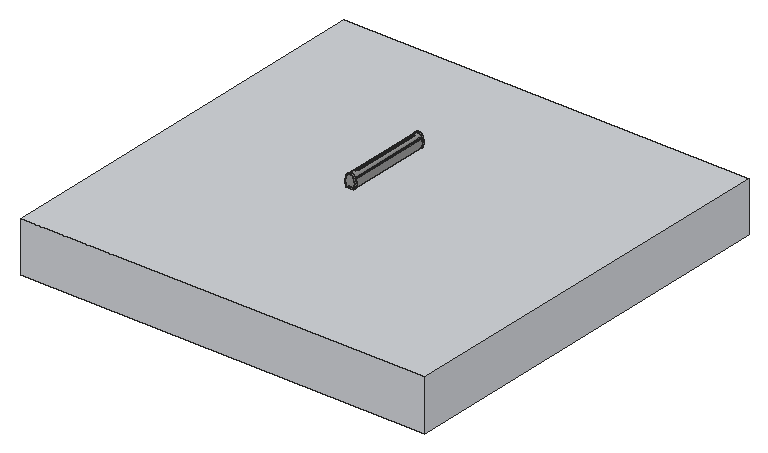
Revit family "L-trade II 20", category Осветительные приборы, Revit 2017 (continued)
Types (6, lengths in mm): name | Цветовая температура | Световой поток светильника | Кривая сил света | Wattage | built-in parameter 1150134 | Файл фотометрической сетки | built-in parameter 1150142 | built-in parameter 1150105 | Lumens | built-in parameter 1150107 | built-in parameter 1150106 | Manufacturer | Артикул
  L-trade II 20 5.0K К15 | 5000 K | 2508 lm | "К15" | 16.8841 W | 2 | "L-trade II 20-22-K15-5.0-01.ies" | "IESNA:LM-63-1995\r\n[TEST]LEDEL\r\n[DATA]17.01.2017\r\n[MANUFAC]LEDEL\r\n[LUMCAT]L-trade II 20/22/К15/5.0/01\r\n[LUMINAIRE]Для освещения торговых залов, промышленных помещений, складов, магазинов, спортивных сооружений и т.д.  \r\n[LAMPCAT]LED\r\n[LAMP]OSRAM SQUARE\r\nTILT=NONE\r\n\r\n1 2508 0.387815 37 19 1 2 0.531 0.05 0.123\r\n\r\n1 1 22\r\n\r\n 0 2.5 5 7.5 10 12.5 15 17.5 20 22.5 25 27.5 30 32.5 35 37.5 40 42.5 45 47.5\r\n 50 52.5 55 57.5 60 62.5 65 67.5 70 72.5 75 77.5 80 82.5 85 87.5 90\r\n\r\n  0 5 10 15 20 25 30 35 40 45 50 55 60 65 70 75\r\n  80 85 90 \r\n\r\n  31577 30708 27040 21987 16469 11472 7577 4708 2995 2122 1611 1250 953 863 658\r\n  625 522 444 363 308 295 182 227 241 159 137 91 126 114 81\r\n  69 46 46 116 69 11 69\r\n  31509 30761 27290 22294 16742 11699 7759 4893 3108 2133 1611 1271 999 863 681\r\n  601 568 454 363 283 318 287 273 203 182 137 69 102 91 56\r\n  91 46 91 32 69 70 91\r\n  31509 30761 27290 22294 16742 11699 7759 4893 3108 2133 1611 1271 999 863 681\r\n  601 568 454 363 283 318 287 273 203 182 137 69 102 91 56\r\n  91 46 91 32 69 70 91\r\n  31509 30761 27290 22294 16742 11699 7759 4893 3108 2133 1611 1271 999 863 681\r\n  601 568 454 363 283 318 287 273 203 182 137 69 102 91 56\r\n  91 46 91 32 69 70 91\r\n  31509 30761 27290 22294 16742 11699 7759 4893 3108 2133 1611 1271 999 863 681\r\n  601 568 454 363 283 318 287 273 203 182 137 69 102 91 56\r\n  91 46 91 32 69 70 91\r\n  31509 30761 27290 22294 16742 11699 7759 4893 3108 2133 1611 1271 999 863 681\r\n  601 568 454 363 283 318 287 273 203 182 137 69 102 91 56\r\n  91 46 91 32 69 70 91\r\n  31509 30761 27290 22294 16742 11699 7759 4893 3108 2133 1611 1271 999 863 681\r\n  601 568 454 363 283 318 287 273 203 182 137 69 102 91 56\r\n  91 46 91 32 69 70 91\r\n  31509 30761 27290 22294 16742 11699 7759 4893 3108 2133 1611 1271 999 863 681\r\n  601 568 454 363 283 318 287 273 203 182 137 69 102 91 56\r\n  91 46 91 32 69 70 91\r\n  31509 30761 27290 22294 16742 11699 7759 4893 3108 2133 1611 1271 999 863 681\r\n  601 568 454 363 283 318 287 273 203 182 137 69 102 91 56\r\n  91 46 91 32 69 70 91\r\n  31509 30761 27290 22294 16742 11699 7759 4893 3108 2133 1611 1271 999 863 681\r\n  601 568 454 363 283 318 287 273 203 182 137 69 102 91 56\r\n  91 46 91 32 69 70 91\r\n  31509 30761 27290 22294 16742 11699 7759 4893 3108 2133 1611 1271 999 863 681\r\n  601 568 454 363 283 318 287 273 203 182 137 69 102 91 56\r\n  91 46 91 32 69 70 91\r\n  31509 30761 27290 22294 16742 11699 7759 4893 3108 2133 1611 1271 999 863 681\r\n  601 568 454 363 283 318 287 273 203 182 137 69 102 91 56\r\n  91 46 91 32 69 70 91\r\n  31509 30761 27290 22294 16742 11699 7759 4893 3108 2133 1611 1271 999 863 681\r\n  601 568 454 363 283 318 287 273 203 182 137 69 102 91 56\r\n  91 46 91 32 69 70 91\r\n  31509 30761 27290 22294 16742 11699 7759 4893 3108 2133 1611 1271 999 863 681\r\n  601 568 454 363 283 318 287 273 203 182 137 69 102 91 56\r\n  91 46 91 32 69 70 91\r\n  31509 30761 27290 22294 16742 11699 7759 4893 3108 2133 1611 1271 999 863 681\r\n  601 568 454 363 283 318 287 273 203 182 137 69 102 91 56\r\n  91 46 91 32 69 70 91\r\n  31509 30761 27290 22294 16742 11699 7759 4893 3108 2133 1611 1271 999 863 681\r\n  601 568 454 363 283 318 287 273 203 182 137 69 102 91 56\r\n  91 46 91 32 69 70 91\r\n  31509 30761 27290 22294 16742 11699 7759 4893 3108 2133 1611 1271 999 863 681\r\n  601 568 454 363 283 318 287 273 203 182 137 69 102 91 56\r\n  91 46 91 32 69 70 91\r\n  31509 30761 27290 22294 16742 11699 7759 4893 3108 2133 1611 1271 999 863 681\r\n  601 568 454 363 283 318 287 273 203 182 137 69 102 91 56\r\n  91 46 91 32 69 70 91\r\n  31509 30761 27290 22294 16742 11699 7759 4893 3108 2133 1611 1271 999 863 681\r\n  601 568 454 363 283 318 287 273 203 182 137 69 102 91 56\r\n  91 46 91 32 69 70 91\r\n  31509 29215 24772 19310 13883 9353 5921 3672 2382 1770 1384 1100 863 681 636\r\n  545 454 409 341 273 273 182 182 137 159 137 114 126 114 91\r\n  69 91 46 46 46 46 23\r\n  31509 29215 24772 19310 13883 9353 5921 3672 2382 1770 1384 1100 863 681 636\r\n  545 454 409 341 273 273 182 182 137 159 137 114 126 114 91\r\n  69 91 46 46 46 46 23\r\n  31509 29215 24772 19310 13883 9353 5921 3672 2382 1770 1384 1100 863 681 636\r\n  545 454 409 341 273 273 182 182 137 159 137 114 126 114 91\r\n  69 91 46 46 46 46 23\r\n  31509 29215 24772 19310 13883 9353 5921 3672 2382 1770 1384 1100 863 681 636\r\n  545 454 409 341 273 273 182 182 137 159 137 114 126 114 91\r\n  69 91 46 46 46 46 23\r\n  31509 29215 24772 19310 13883 9353 5921 3672 2382 1770 1384 1100 863 681 636\r\n  545 454 409 341 273 273 182 182 137 159 137 114 126 114 91\r\n  69 91 46 46 46 46 23\r\n  31509 29215 24772 19310 13883 9353 5921 3672 2382 1770 1384 1100 863 681 636\r\n  545 454 409 341 273 273 182 182 137 159 137 114 126 114 91\r\n  69 91 46 46 46 46 23\r\n  31509 29215 24772 19310 13883 9353 5921 3672 2382 1770 1384 1100 863 681 636\r\n  545 454 409 341 273 273 182 182 137 159 137 114 126 114 91\r\n  69 91 46 46 46 46 23\r\n  31509 29215 24772 19310 13883 9353 5921 3672 2382 1770 1384 1100 863 681 636\r\n  545 454 409 341 273 273 182 182 137 159 137 114 126 114 91\r\n  69 91 46 46 46 46 23\r\n  31509 29215 24772 19310 13883 9353 5921 3672 2382 1770 1384 1100 863 681 636\r\n  545 454 409 341 273 273 182 182 137 159 137 114 126 114 91\r\n  69 91 46 46 46 46 23\r\n  31509 29215 24772 19310 13883 9353 5921 3672 2382 1770 1384 1100 863 681 636\r\n  545 454 409 341 273 273 182 182 137 159 137 114 126 114 91\r\n  69 91 46 46 46 46 23\r\n  31509 29215 24772 19310 13883 9353 5921 3672 2382 1770 1384 1100 863 681 636\r\n  545 454 409 341 273 273 182 182 137 159 137 114 126 114 91\r\n  69 91 46 46 46 46 23\r\n  31509 29215 24772 19310 13883 9353 5921 3672 2382 1770 1384 1100 863 681 636\r\n  545 454 409 341 273 273 182 182 137 159 137 114 126 114 91\r\n  69 91 46 46 46 46 23\r\n  31509 29215 24772 19310 13883 9353 5921 3672 2382 1770 1384 1100 863 681 636\r\n  545 454 409 341 273 273 182 182 137 159 137 114 126 114 91\r\n  69 91 46 46 46 46 23\r\n  31509 29215 24772 19310 13883 9353 5921 3672 2382 1770 1384 1100 863 681 636\r\n  545 454 409 341 273 273 182 182 137 159 137 114 126 114 91\r\n  69 91 46 46 46 46 23\r\n  31509 29215 24772 19310 13883 9353 5921 3672 2382 1770 1384 1100 863 681 636\r\n  545 454 409 341 273 273 182 182 137 159 137 114 126 114 91\r\n  69 91 46 46 46 46 23\r\n  31509 29215 24772 19310 13883 9353 5921 3672 2382 1770 1384 1100 863 681 636\r\n  545 454 409 341 273 273 182 182 137 159 137 114 126 114 91\r\n  69 91 46 46 46 46 23\r\n  31509 29215 24772 19310 13883 9353 5921 3672 2382 1770 1384 1100 863 681 636\r\n  545 454 409 341 273 273 182 182 137 159 137 114 126 114 91\r\n  69 91 46 46 46 46 23\r\n  31577 29407 25044 19617 14156 9570 6057 3832 2450 1780 1384 1124 863 681 636\r\n  545 454 409 341 283 295 203 227 137 137 137 114 91 91 91\r\n  69 91 23 35 46 46 46\r\n\r\n" | 199.58 (stored number, unit not read) | 2508 lm | 5000 (stored number, unit not read) | 1.9958 (stored number, unit not read) | "" | "210017"
  L-trade II 20 4.0K Г30 | 4000 K | 2516 lm | "Г30" | 16.938 W | 12 | "L-trade II 20-22-G30-4.0-01.ies" | "IESNA:LM-63-1995\r\n[TEST]LEDEL\r\n[DATA]17.01.2017\r\n[MANUFAC]LEDEL\r\n[LUMCAT]L-trade II 20/22/Г30/4.0/01\r\n[LUMINAIRE]Для освещения торговых залов, промышленных помещений, складов, магазинов, спортивных сооружений и т.д.  \r\n[LAMPCAT]LED\r\n[LAMP]OSRAM SQUARE\r\nTILT=NONE\r\n\r\n1 2516 0.416074 37 19 1 2 0.531 0.05 0.123\r\n\r\n1 1 22\r\n\r\n\r\n \r\n 0 2.5 5 7.5 10 12.5 15 17.5 20 22.5 25 27.5 30 32.5 35 37.5 40 42.5 45 47.5\r\n 50 52.5 55 57.5 60 62.5 65 67.5 70 72.5 75 77.5 80 82.5 85 87.5 90\r\n\r\n  0 5 10 15 20 25 30 35 40 45 50 55 60 65 70 75\r\n  80 85 90\r\n\r\n  13407 13223 12454 11253 9778 8270 6829 5515 4416 3502 2776 2195 1717 1373 1112\r\n  889 734 605 515 439 379 318 295 269 242 197 182 152 137 121\r\n  106 103 61 61 46 46 53\r\n  13392 13245 12515 11325 9861 8346 6897 5582 4462 3544 2813 2208 1732 1377 1112\r\n  893 726 617 515 451 386 341 295 273 227 220 190 152 137 121\r\n  99 95 76 49 46 34 53\r\n  13392 13245 12515 11325 9861 8346 6897 5582 4462 3544 2813 2208 1732 1377 1112\r\n  893 726 617 515 451 386 341 295 273 227 220 190 152 137 121\r\n  99 95 76 49 46 34 53\r\n  13392 13245 12515 11325 9861 8346 6897 5582 4462 3544 2813 2208 1732 1377 1112\r\n  893 726 617 515 451 386 341 295 273 227 220 190 152 137 121\r\n  99 95 76 49 46 34 53\r\n  13392 13245 12515 11325 9861 8346 6897 5582 4462 3544 2813 2208 1732 1377 1112\r\n  893 726 617 515 451 386 341 295 273 227 220 190 152 137 121\r\n  99 95 76 49 46 34 53\r\n  13392 13245 12515 11325 9861 8346 6897 5582 4462 3544 2813 2208 1732 1377 1112\r\n  893 726 617 515 451 386 341 295 273 227 220 190 152 137 121\r\n  99 95 76 49 46 34 53\r\n  13392 13245 12515 11325 9861 8346 6897 5582 4462 3544 2813 2208 1732 1377 1112\r\n  893 726 617 515 451 386 341 295 273 227 220 190 152 137 121\r\n  99 95 76 49 46 34 53\r\n  13392 13245 12515 11325 9861 8346 6897 5582 4462 3544 2813 2208 1732 1377 1112\r\n  893 726 617 515 451 386 341 295 273 227 220 190 152 137 121\r\n  99 95 76 49 46 34 53\r\n  13392 13245 12515 11325 9861 8346 6897 5582 4462 3544 2813 2208 1732 1377 1112\r\n  893 726 617 515 451 386 341 295 273 227 220 190 152 137 121\r\n  99 95 76 49 46 34 53\r\n  13392 13245 12515 11325 9861 8346 6897 5582 4462 3544 2813 2208 1732 1377 1112\r\n  893 726 617 515 451 386 341 295 273 227 220 190 152 137 121\r\n  99 95 76 49 46 34 53\r\n  13392 13245 12515 11325 9861 8346 6897 5582 4462 3544 2813 2208 1732 1377 1112\r\n  893 726 617 515 451 386 341 295 273 227 220 190 152 137 121\r\n  99 95 76 49 46 34 53\r\n  13392 13245 12515 11325 9861 8346 6897 5582 4462 3544 2813 2208 1732 1377 1112\r\n  893 726 617 515 451 386 341 295 273 227 220 190 152 137 121\r\n  99 95 76 49 46 34 53\r\n  13392 13245 12515 11325 9861 8346 6897 5582 4462 3544 2813 2208 1732 1377 1112\r\n  893 726 617 515 451 386 341 295 273 227 220 190 152 137 121\r\n  99 95 76 49 46 34 53\r\n  13392 13245 12515 11325 9861 8346 6897 5582 4462 3544 2813 2208 1732 1377 1112\r\n  893 726 617 515 451 386 341 295 273 227 220 190 152 137 121\r\n  99 95 76 49 46 34 53\r\n  13392 13245 12515 11325 9861 8346 6897 5582 4462 3544 2813 2208 1732 1377 1112\r\n  893 726 617 515 451 386 341 295 273 227 220 190 152 137 121\r\n  99 95 76 49 46 34 53\r\n  13392 13245 12515 11325 9861 8346 6897 5582 4462 3544 2813 2208 1732 1377 1112\r\n  893 726 617 515 451 386 341 295 273 227 220 190 152 137 121\r\n  99 95 76 49 46 34 53\r\n  13392 13245 12515 11325 9861 8346 6897 5582 4462 3544 2813 2208 1732 1377 1112\r\n  893 726 617 515 451 386 341 295 273 227 220 190 152 137 121\r\n  99 95 76 49 46 34 53\r\n  13392 13245 12515 11325 9861 8346 6897 5582 4462 3544 2813 2208 1732 1377 1112\r\n  893 726 617 515 451 386 341 295 273 227 220 190 152 137 121\r\n  99 95 76 49 46 34 53\r\n  13392 13245 12515 11325 9861 8346 6897 5582 4462 3544 2813 2208 1732 1377 1112\r\n  893 726 617 515 451 386 341 295 273 227 220 190 152 137 121\r\n  99 95 76 49 46 34 53\r\n  13392 12956 12038 10755 9324 7870 6519 5292 4250 3360 2692 2125 1679 1327 1067\r\n  878 704 594 515 427 371 325 288 234 205 182 152 137 114 91\r\n  61 46 46 31 23 16 31\r\n  13392 12956 12038 10755 9324 7870 6519 5292 4250 3360 2692 2125 1679 1327 1067\r\n  878 704 594 515 427 371 325 288 234 205 182 152 137 114 91\r\n  61 46 46 31 23 16 31\r\n  13392 12956 12038 10755 9324 7870 6519 5292 4250 3360 2692 2125 1679 1327 1067\r\n  878 704 594 515 427 371 325 288 234 205 182 152 137 114 91\r\n  61 46 46 31 23 16 31\r\n  13392 12956 12038 10755 9324 7870 6519 5292 4250 3360 2692 2125 1679 1327 1067\r\n  878 704 594 515 427 371 325 288 234 205 182 152 137 114 91\r\n  61 46 46 31 23 16 31\r\n  13392 12956 12038 10755 9324 7870 6519 5292 4250 3360 2692 2125 1679 1327 1067\r\n  878 704 594 515 427 371 325 288 234 205 182 152 137 114 91\r\n  61 46 46 31 23 16 31\r\n  13392 12956 12038 10755 9324 7870 6519 5292 4250 3360 2692 2125 1679 1327 1067\r\n  878 704 594 515 427 371 325 288 234 205 182 152 137 114 91\r\n  61 46 46 31 23 16 31\r\n  13392 12956 12038 10755 9324 7870 6519 5292 4250 3360 2692 2125 1679 1327 1067\r\n  878 704 594 515 427 371 325 288 234 205 182 152 137 114 91\r\n  61 46 46 31 23 16 31\r\n  13392 12956 12038 10755 9324 7870 6519 5292 4250 3360 2692 2125 1679 1327 1067\r\n  878 704 594 515 427 371 325 288 234 205 182 152 137 114 91\r\n  61 46 46 31 23 16 31\r\n  13392 12956 12038 10755 9324 7870 6519 5292 4250 3360 2692 2125 1679 1327 1067\r\n  878 704 594 515 427 371 325 288 234 205 182 152 137 114 91\r\n  61 46 46 31 23 16 31\r\n  13392 12956 12038 10755 9324 7870 6519 5292 4250 3360 2692 2125 1679 1327 1067\r\n  878 704 594 515 427 371 325 288 234 205 182 152 137 114 91\r\n  61 46 46 31 23 16 31\r\n  13392 12956 12038 10755 9324 7870 6519 5292 4250 3360 2692 2125 1679 1327 1067\r\n  878 704 594 515 427 371 325 288 234 205 182 152 137 114 91\r\n  61 46 46 31 23 16 31\r\n  13392 12956 12038 10755 9324 7870 6519 5292 4250 3360 2692 2125 1679 1327 1067\r\n  878 704 594 515 427 371 325 288 234 205 182 152 137 114 91\r\n  61 46 46 31 23 16 31\r\n  13392 12956 12038 10755 9324 7870 6519 5292 4250 3360 2692 2125 1679 1327 1067\r\n  878 704 594 515 427 371 325 288 234 205 182 152 137 114 91\r\n  61 46 46 31 23 16 31\r\n  13392 12956 12038 10755 9324 7870 6519 5292 4250 3360 2692 2125 1679 1327 1067\r\n  878 704 594 515 427 371 325 288 234 205 182 152 137 114 91\r\n  61 46 46 31 23 16 31\r\n  13392 12956 12038 10755 9324 7870 6519 5292 4250 3360 2692 2125 1679 1327 1067\r\n  878 704 594 515 427 371 325 288 234 205 182 152 137 114 91\r\n  61 46 46 31 23 16 31\r\n  13392 12956 12038 10755 9324 7870 6519 5292 4250 3360 2692 2125 1679 1327 1067\r\n  878 704 594 515 427 371 325 288 234 205 182 152 137 114 91\r\n  61 46 46 31 23 16 31\r\n  13392 12956 12038 10755 9324 7870 6519 5292 4250 3360 2692 2125 1679 1327 1067\r\n  878 704 594 515 427 371 325 288 234 205 182 152 137 114 91\r\n  61 46 46 31 23 16 31\r\n  13407 12998 12091 10831 9415 7958 6587 5353 4288 3432 2723 2158 1709 1365 1074\r\n  881 711 605 515 436 379 338 273 258 205 182 152 137 106 91\r\n  61 49 53 31 23 19 23\r\n\r\n" | 200.22 (stored number, unit not read) | 2516 lm | 4000 (stored number, unit not read) | 2.0022 (stored number, unit not read) | "LEDEL" | "321102204741300"
  L-trade II 20 5.0K Г30 | 5000 K | 2516 lm | "Г30" | 16.938 W | 2 | "L-trade II 20-22-G30-5.0-01.ies" | "IESNA:LM-63-1995\r\n[TEST]LEDEL\r\n[DATA]17.01.2017\r\n[MANUFAC]LEDEL\r\n[LUMCAT]L-trade II 20/22/Г30/5.0/01\r\n[LUMINAIRE]Для освещения торговых залов, промышленных помещений, складов, магазинов, спортивных сооружений и т.д.  \r\n[LAMPCAT]LED\r\n[LAMP]OSRAM SQUARE\r\nTILT=NONE\r\n\r\n1 2516 0.416074 37 19 1 2 0.531 0.05 0.123\r\n\r\n1 1 22\r\n\r\n\r\n \r\n 0 2.5 5 7.5 10 12.5 15 17.5 20 22.5 25 27.5 30 32.5 35 37.5 40 42.5 45 47.5\r\n 50 52.5 55 57.5 60 62.5 65 67.5 70 72.5 75 77.5 80 82.5 85 87.5 90\r\n\r\n  0 5 10 15 20 25 30 35 40 45 50 55 60 65 70 75\r\n  80 85 90\r\n\r\n  13407 13223 12454 11253 9778 8270 6829 5515 4416 3502 2776 2195 1717 1373 1112\r\n  889 734 605 515 439 379 318 295 269 242 197 182 152 137 121\r\n  106 103 61 61 46 46 53\r\n  13392 13245 12515 11325 9861 8346 6897 5582 4462 3544 2813 2208 1732 1377 1112\r\n  893 726 617 515 451 386 341 295 273 227 220 190 152 137 121\r\n  99 95 76 49 46 34 53\r\n  13392 13245 12515 11325 9861 8346 6897 5582 4462 3544 2813 2208 1732 1377 1112\r\n  893 726 617 515 451 386 341 295 273 227 220 190 152 137 121\r\n  99 95 76 49 46 34 53\r\n  13392 13245 12515 11325 9861 8346 6897 5582 4462 3544 2813 2208 1732 1377 1112\r\n  893 726 617 515 451 386 341 295 273 227 220 190 152 137 121\r\n  99 95 76 49 46 34 53\r\n  13392 13245 12515 11325 9861 8346 6897 5582 4462 3544 2813 2208 1732 1377 1112\r\n  893 726 617 515 451 386 341 295 273 227 220 190 152 137 121\r\n  99 95 76 49 46 34 53\r\n  13392 13245 12515 11325 9861 8346 6897 5582 4462 3544 2813 2208 1732 1377 1112\r\n  893 726 617 515 451 386 341 295 273 227 220 190 152 137 121\r\n  99 95 76 49 46 34 53\r\n  13392 13245 12515 11325 9861 8346 6897 5582 4462 3544 2813 2208 1732 1377 1112\r\n  893 726 617 515 451 386 341 295 273 227 220 190 152 137 121\r\n  99 95 76 49 46 34 53\r\n  13392 13245 12515 11325 9861 8346 6897 5582 4462 3544 2813 2208 1732 1377 1112\r\n  893 726 617 515 451 386 341 295 273 227 220 190 152 137 121\r\n  99 95 76 49 46 34 53\r\n  13392 13245 12515 11325 9861 8346 6897 5582 4462 3544 2813 2208 1732 1377 1112\r\n  893 726 617 515 451 386 341 295 273 227 220 190 152 137 121\r\n  99 95 76 49 46 34 53\r\n  13392 13245 12515 11325 9861 8346 6897 5582 4462 3544 2813 2208 1732 1377 1112\r\n  893 726 617 515 451 386 341 295 273 227 220 190 152 137 121\r\n  99 95 76 49 46 34 53\r\n  13392 13245 12515 11325 9861 8346 6897 5582 4462 3544 2813 2208 1732 1377 1112\r\n  893 726 617 515 451 386 341 295 273 227 220 190 152 137 121\r\n  99 95 76 49 46 34 53\r\n  13392 13245 12515 11325 9861 8346 6897 5582 4462 3544 2813 2208 1732 1377 1112\r\n  893 726 617 515 451 386 341 295 273 227 220 190 152 137 121\r\n  99 95 76 49 46 34 53\r\n  13392 13245 12515 11325 9861 8346 6897 5582 4462 3544 2813 2208 1732 1377 1112\r\n  893 726 617 515 451 386 341 295 273 227 220 190 152 137 121\r\n  99 95 76 49 46 34 53\r\n  13392 13245 12515 11325 9861 8346 6897 5582 4462 3544 2813 2208 1732 1377 1112\r\n  893 726 617 515 451 386 341 295 273 227 220 190 152 137 121\r\n  99 95 76 49 46 34 53\r\n  13392 13245 12515 11325 9861 8346 6897 5582 4462 3544 2813 2208 1732 1377 1112\r\n  893 726 617 515 451 386 341 295 273 227 220 190 152 137 121\r\n  99 95 76 49 46 34 53\r\n  13392 13245 12515 11325 9861 8346 6897 5582 4462 3544 2813 2208 1732 1377 1112\r\n  893 726 617 515 451 386 341 295 273 227 220 190 152 137 121\r\n  99 95 76 49 46 34 53\r\n  13392 13245 12515 11325 9861 8346 6897 5582 4462 3544 2813 2208 1732 1377 1112\r\n  893 726 617 515 451 386 341 295 273 227 220 190 152 137 121\r\n  99 95 76 49 46 34 53\r\n  13392 13245 12515 11325 9861 8346 6897 5582 4462 3544 2813 2208 1732 1377 1112\r\n  893 726 617 515 451 386 341 295 273 227 220 190 152 137 121\r\n  99 95 76 49 46 34 53\r\n  13392 13245 12515 11325 9861 8346 6897 5582 4462 3544 2813 2208 1732 1377 1112\r\n  893 726 617 515 451 386 341 295 273 227 220 190 152 137 121\r\n  99 95 76 49 46 34 53\r\n  13392 12956 12038 10755 9324 7870 6519 5292 4250 3360 2692 2125 1679 1327 1067\r\n  878 704 594 515 427 371 325 288 234 205 182 152 137 114 91\r\n  61 46 46 31 23 16 31\r\n  13392 12956 12038 10755 9324 7870 6519 5292 4250 3360 2692 2125 1679 1327 1067\r\n  878 704 594 515 427 371 325 288 234 205 182 152 137 114 91\r\n  61 46 46 31 23 16 31\r\n  13392 12956 12038 10755 9324 7870 6519 5292 4250 3360 2692 2125 1679 1327 1067\r\n  878 704 594 515 427 371 325 288 234 205 182 152 137 114 91\r\n  61 46 46 31 23 16 31\r\n  13392 12956 12038 10755 9324 7870 6519 5292 4250 3360 2692 2125 1679 1327 1067\r\n  878 704 594 515 427 371 325 288 234 205 182 152 137 114 91\r\n  61 46 46 31 23 16 31\r\n  13392 12956 12038 10755 9324 7870 6519 5292 4250 3360 2692 2125 1679 1327 1067\r\n  878 704 594 515 427 371 325 288 234 205 182 152 137 114 91\r\n  61 46 46 31 23 16 31\r\n  13392 12956 12038 10755 9324 7870 6519 5292 4250 3360 2692 2125 1679 1327 1067\r\n  878 704 594 515 427 371 325 288 234 205 182 152 137 114 91\r\n  61 46 46 31 23 16 31\r\n  13392 12956 12038 10755 9324 7870 6519 5292 4250 3360 2692 2125 1679 1327 1067\r\n  878 704 594 515 427 371 325 288 234 205 182 152 137 114 91\r\n  61 46 46 31 23 16 31\r\n  13392 12956 12038 10755 9324 7870 6519 5292 4250 3360 2692 2125 1679 1327 1067\r\n  878 704 594 515 427 371 325 288 234 205 182 152 137 114 91\r\n  61 46 46 31 23 16 31\r\n  13392 12956 12038 10755 9324 7870 6519 5292 4250 3360 2692 2125 1679 1327 1067\r\n  878 704 594 515 427 371 325 288 234 205 182 152 137 114 91\r\n  61 46 46 31 23 16 31\r\n  13392 12956 12038 10755 9324 7870 6519 5292 4250 3360 2692 2125 1679 1327 1067\r\n  878 704 594 515 427 371 325 288 234 205 182 152 137 114 91\r\n  61 46 46 31 23 16 31\r\n  13392 12956 12038 10755 9324 7870 6519 5292 4250 3360 2692 2125 1679 1327 1067\r\n  878 704 594 515 427 371 325 288 234 205 182 152 137 114 91\r\n  61 46 46 31 23 16 31\r\n  13392 12956 12038 10755 9324 7870 6519 5292 4250 3360 2692 2125 1679 1327 1067\r\n  878 704 594 515 427 371 325 288 234 205 182 152 137 114 91\r\n  61 46 46 31 23 16 31\r\n  13392 12956 12038 10755 9324 7870 6519 5292 4250 3360 2692 2125 1679 1327 1067\r\n  878 704 594 515 427 371 325 288 234 205 182 152 137 114 91\r\n  61 46 46 31 23 16 31\r\n  13392 12956 12038 10755 9324 7870 6519 5292 4250 3360 2692 2125 1679 1327 1067\r\n  878 704 594 515 427 371 325 288 234 205 182 152 137 114 91\r\n  61 46 46 31 23 16 31\r\n  13392 12956 12038 10755 9324 7870 6519 5292 4250 3360 2692 2125 1679 1327 1067\r\n  878 704 594 515 427 371 325 288 234 205 182 152 137 114 91\r\n  61 46 46 31 23 16 31\r\n  13392 12956 12038 10755 9324 7870 6519 5292 4250 3360 2692 2125 1679 1327 1067\r\n  878 704 594 515 427 371 325 288 234 205 182 152 137 114 91\r\n  61 46 46 31 23 16 31\r\n  13392 12956 12038 10755 9324 7870 6519 5292 4250 3360 2692 2125 1679 1327 1067\r\n  878 704 594 515 427 371 325 288 234 205 182 152 137 114 91\r\n  61 46 46 31 23 16 31\r\n  13407 12998 12091 10831 9415 7958 6587 5353 4288 3432 2723 2158 1709 1365 1074\r\n  881 711 605 515 436 379 338 273 258 205 182 152 137 106 91\r\n  61 49 53 31 23 19 23\r\n\r\n" | 200.22 (stored number, unit not read) | 2516 lm | 5000 (stored number, unit not read) | 2.0022 (stored number, unit not read) | "" | "210019"
